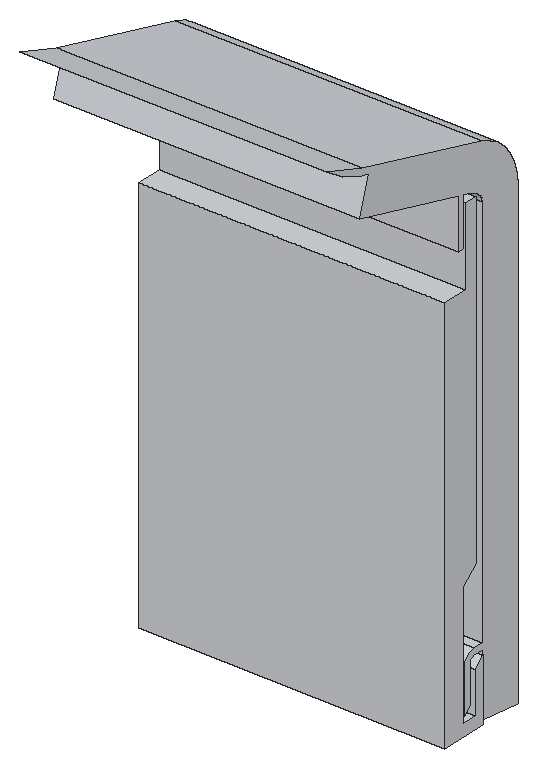
Revit family "HansWeitzel_2098", category Allgemeines Modell, Revit 2017
Family settings
  Basisbauteil = Wand
  Kann Basisbauteil für Bewehrung sein = Nein
  Bemaßung runder Anschluss = Durchmesser verwenden
  Teiletyp = Normal
  Immer vertikal = Ja
  Beim Laden mit Abzugskörper schneiden = Nein
  Gemeinsam genutzt = Nein
  Raumberechnungspunkt = Nein
Parameters (values of type "Type 1")
  max. Betriebstemperatur (°C) = 90
  Werkstoff = "Polystyrol"
  Wandmontage möglich = yes
  Typname = "HZ-Stoßverbinder SLF Grau"
  Tiefe (mm) = 30
  Profilart = "Anschlussprofi"
  Menge pro Verpackungseinheit = 10
  Length3 = 50 mm
  Length2 = 50 mm
  Length1 = 50 mm
  Ist Zubehör = no
  Ist System = no
  Höhe [mm] = 97
  Hersteller = "Hans Weitzel GmbH & Co. KG"
  HeinzeBIM = "https://www.heinze.de/bim/hz-stossverbinder-slf-grau/f2a7e99dbcb687d3e5ea9d51b772c6dc22f98d7b"
  HAN = "2098"
  Gewicht unverpackt (netto) [kg] = 0.008
  GTIN = "4022023220612"
  Farbton = "grau"
  Dekor = "Grau"
  Breite [mm] = 45
  Beschreibung = "HZ-Stoßverbinder SLF Grau f. HZ-Sockelleiste SLF /Plus m. SCH2158"
  BIMSITE_PRODUCT_ID = "f2a7e99dbcb687d3e5ea9d51b772c6dc22f98d7b"
  BIM = "https://media.live.bim.site/t/eyJhbGciOiJIUzI1NiIsInR5cCI6IkpXVCJ9.eyJjdCI6MSwidGYiOiJwdWJsaWMvaGFucy13ZWl0emVsLWdtYmgtY28ta2cvMjI1MGEyZS9IWl9TTEZfU3Rvc3N2ZXJiaW5kZXIucmZhIiwiY2lkIjoiZmVkOThlOWEtMWJkOC00YzY4LWE3M2ItNzRhOTRlMzE1ODIzIiwicmlkIjoiNzE1YmIxM2ZiOTIzYjkyNjY4YzA1Yzg0NzU1YTBjMDgiLCJwaWQiOiJmMmE3ZTk5ZGJjYjY4N2QzZTVlYTlkNTFiNzcyYzZkYzIyZjk4ZDdiIiwic2lkIjoiNjM1NTgiLCJ1dCI6NSwibGMiOiJkZSIsImlhdCI6MTU4MDEyMzQzNSwiaXNzIjoiaHR0cHM6Ly9hcGkubGl2ZS5iaW0uc2l0ZSIsInN1YiI6ImY1ODZjNGI2LWE1MDgtNDI3YS05ODE4LTEzMTc5NjY1NzZiYyJ9.o6LfR5yMg2w60FgweWoFtHHdKtOZcf6bbRxwVQdmU68/HZ_SLF_Stossverbinder.rfa"
Reference planes
  plane 1 "Wall": y = 0
  plane 2 "Center (Left/Right)": x = 125
  plane 3 "Back": y = 75
Text (mm)
  text "Placement side" at (0, 1409.804, 2854.306), in view "Left"
  text "Placement side" at (0, 499.811, 2980.732), in view "Right"
Dimensions and locks
  locked: plane 3 "Back" to host wall
  aligned and locked: plane 1 "Wall" to host wall
  aligned and locked: nested 1 to plane 3 "Back"
  aligned and locked: nested 2 to plane 3 "Back"
  aligned and locked: nested 2 to plane 2 "Center (Left/Right)"
  aligned and locked: nested 1 to plane 2 "Center (Left/Right)"
Nested families
  nested 1: "HZ_SLF_Part2" at (125, 75, 0) x (-1, 0, 0) z (0, 0, 1), type "HZ_SLF_Part2"
    with Length2 50 mm
  nested 2: "HZ_SLF_Profil" at (125, 75, 0) x (-1, 0, 0) z (0, 0, 1), type "HZ_SLF_Profil"
Definition of nested family "HZ_SLF_Part2"
  Parameters
    Length2 = 400 mm
  Reference planes
    plane 1 "Center (Front/Back)": y = 0
    plane 2: z = 0
    plane 3 "Center (Left/Right)": x = 0
    plane 4: z = 78
  Forms (mm)
    Extrusion 1, solid, detail levels fine
      sketch origin (0, 0, 0) x (0, 1, 0) y (0, 0, 1)
        loop
          line (-28, 65.25) -> (-28, 78) -> (-30, 78) -> (-30, 24.25) -> (-27.5, 22) -> (-27.5, 2) -> (-30, 2) -> (-30, 8.75) -> (-31.5, 10.25) -> (-31.5, 0) -> (-23.75, 0) -> (-23.75, 65.25) -> (-28, 65.25)
      from -200 to 200
    Extrusion 2, solid, detail levels medium
      sketch origin (0, 0, 0) x (0, 1, 0) y (0, 0, 1)
        loop
          line (-28, 65.25) -> (-28, 78) -> (-30, 78) -> (-30, 22) -> (-27.5, 22) -> (-27.5, 2) -> (-30, 2) -> (-30, 8.75) -> (-31.5, 8.75) -> (-31.5, 0) -> (-23.75, 0) -> (-23.75, 65.25) -> (-28, 65.25)
      from -200 to 200
    Extrusion 3, solid, detail levels coarse
      sketch origin (0, 0, 0) x (0, 1, 0) y (0, 0, 1)
        loop
          line (-31.5, 78) -> (-31.5, 0) -> (-23.75, 0) -> (-23.75, 78) -> (-31.5, 78)
      from -200 to 200
  Dimensions and locks
    equal spacing: Extrusion 1, plane 3 "Center (Left/Right)", Extrusion 1
    "Length2": Extrusion 1 to Extrusion 1
    aligned and locked: level to plane 2
    aligned and locked: Extrusion 3 to Extrusion 1  (x2)
    aligned and locked: Extrusion 2 to Extrusion 3  (x2)
  Automatic sketch dimensions
    Extrusion 1 sketch curve to level = 0 mm
    level to Extrusion 1 sketch curve = 10.25 mm
    plane 1 "Center (Front/Back)" to Extrusion 1 sketch curve = 31.5 mm
    Extrusion 1 sketch curve to Extrusion 1 sketch curve = 1.5 mm  (x2)
    level to Extrusion 1 sketch curve = 8.75 mm
    Extrusion 1 sketch curve to Extrusion 1 sketch curve = 2 mm
    Extrusion 1 sketch curve to Extrusion 1 sketch curve = 2.5 mm
    Extrusion 1 sketch curve to Extrusion 1 sketch curve = 4.25 mm
    level to Extrusion 1 sketch curve = 2 mm
    Extrusion 1 sketch curve to Extrusion 1 sketch curve = 11.75 mm
    Extrusion 1 sketch curve to Extrusion 1 sketch curve = 2.25 mm
    Extrusion 1 sketch curve to Extrusion 1 sketch curve = 41 mm
    Extrusion 1 sketch curve to Extrusion 1 sketch curve = 12.75 mm
    Extrusion 2 sketch curve to level = 0 mm
    plane 1 "Center (Front/Back)" to Extrusion 2 sketch curve = 31.5 mm
    Extrusion 2 sketch curve to Extrusion 2 sketch curve = 1.5 mm
    Extrusion 2 sketch curve to Extrusion 2 sketch curve = 2 mm
    Extrusion 2 sketch curve to Extrusion 2 sketch curve = 4.25 mm
    level to Extrusion 2 sketch curve = 2 mm
    Extrusion 2 sketch curve to Extrusion 2 sketch curve = 12.75 mm
    Extrusion 2 sketch curve to Extrusion 2 sketch curve = 2.5 mm
    Extrusion 2 sketch curve to Extrusion 2 sketch curve = 43.25 mm
    Extrusion 2 sketch curve to Extrusion 2 sketch curve = 0 mm
    Extrusion 2 sketch curve to Extrusion 2 sketch curve = 6.75 mm
    Extrusion 2 sketch curve to Extrusion 2 sketch curve = 13.25 mm
    Extrusion 3 sketch curve to level = 0 mm
    Extrusion 3 sketch curve to Extrusion 3 sketch curve = 7.75 mm
    plane 1 "Center (Front/Back)" to Extrusion 3 sketch curve = 31.5 mm
    level to Extrusion 3 sketch curve = 78 mm
Definition of nested family "HZ_SLF_Profil"
  Parameters
    Length3 = 50 mm
  Reference planes
    plane 1 "Center (Front/Back)": y = 0
    plane 2: z = 0
    plane 3 "Center (Left/Right)": x = 0
    plane 4: z = 95
  Forms (mm)
    Extrusion 1, solid, detail levels fine
      sketch origin (0, 0, 0) x (0, 1, 0) y (0, 0, 1)
        loop
          line (-38.561, 76.002) -> (-38.561, 0) -> (-31.5, 0.791) -> (-31.5, 11) -> (-29.75, 11)
          arc (-29.75, 11) -> (-29.043, 10.707) -> (-28.75, 10) r 1
          line (-28.75, 10) -> (-28.75, 4) -> (-27.75, 3) -> (-27.75, 10)
          arc (-27.75, 10) -> (-28.336, 11.414) -> (-29.75, 12) r 2
          line (-29.75, 12) -> (-31.5, 12) -> (-31.5, 76.545)
          arc (-31.5, 76.545) -> (-30.751, 77.994) -> (-29.355, 78.837) r 3
          line (-29.355, 78.837) -> (-27.5, 79.347) -> (-27.5, 71.5) -> (-26.5, 71.5) -> (-26.5, 79.621) -> (-6.471, 85.123) -> (-8.262, 90.853) -> (-6.8, 91.255)
          arc (-6.8, 91.255) -> (-2.978, 92.748) -> (0.452, 95) r 19.703
          arc (0.452, 95) -> (-3.246, 93.447) -> (-7.065, 92.219) r 46.507
          line (-7.065, 92.219) -> (-31.209, 85.587)
          arc (-31.209, 85.587) -> (-36.496, 82.03) -> (-38.561, 76.002) r 10
      from -25 to 25
    Extrusion 2, solid, detail levels medium
      sketch origin (0, 0, 0) x (0, 1, 0) y (0, 0, 1)
        loop
          line (-7.065, 92.219) -> (-31.209, 85.587)
          arc (-31.209, 85.587) -> (-36.496, 82.03) -> (-38.561, 76.002) r 10
          line (-38.561, 76.002) -> (-38.561, 0) -> (-31.5, 0.791) -> (-31.5, 11) -> (-28.75, 11) -> (-28.75, 3) -> (-27.75, 3) -> (-27.75, 12) -> (-31.5, 12) -> (-31.5, 76.545)
          arc (-31.5, 76.545) -> (-30.751, 77.994) -> (-29.355, 78.837) r 3
          line (-29.355, 78.837) -> (-27.5, 79.347) -> (-27.5, 71.5) -> (-26.5, 71.5) -> (-26.5, 79.621) -> (-6.471, 85.123) -> (0.452, 95)
          arc (0.452, 95) -> (-3.246, 93.447) -> (-7.065, 92.219) r 46.507
      from -25 to 25
    Extrusion 3, solid, detail levels coarse
      sketch origin (0, 0, 0) x (0, 1, 0) y (0, 0, 1)
        loop
          line (-38.561, 0) -> (0.452, 0) -> (0.452, 95) -> (-38.561, 95) -> (-38.561, 0)
      from -25 to 25
  Dimensions and locks
    equal spacing: Extrusion 3, plane 3 "Center (Left/Right)", Extrusion 3
    "Length3": Extrusion 3 to Extrusion 3
    aligned and locked: level to plane 2
    aligned and locked: Extrusion 1 to Extrusion 3
    aligned and locked: Extrusion 2 to Extrusion 3
    aligned and locked: Extrusion 3 to Extrusion 1
    aligned and locked: Extrusion 3 to Extrusion 2
  Automatic sketch dimensions
    plane 1 "Center (Front/Back)" to Extrusion 3 sketch curve = 38.561 mm
    Extrusion 3 sketch curve to plane 1 "Center (Front/Back)" = 0.452 mm
    Extrusion 3 sketch curve to level = 0 mm
    level to Extrusion 3 sketch curve = 95 mm
    Extrusion 2 sketch curve to Extrusion 2 sketch curve = 0 mm  (x2)
    Extrusion 2 sketch curve to level = 0 mm
    Extrusion 2 sketch curve to plane 4 = 0 mm
    plane 1 "Center (Front/Back)" to Extrusion 2 sketch curve = 38.561 mm
    level to Extrusion 2 sketch curve = 0.791 mm
    Extrusion 2 sketch curve to Extrusion 2 sketch curve = 7.061 mm  (x2)
    Extrusion 2 sketch curve to plane 4 = 9.413 mm
    Extrusion 2 sketch curve to Extrusion 2 sketch curve = 0.291 mm
    Extrusion 2 sketch curve to plane 4 = 16.163 mm
    Extrusion 2 sketch curve to Extrusion 2 sketch curve = 2.145 mm
    Extrusion 2 sketch curve to Extrusion 2 sketch curve = 2.75 mm
    Extrusion 2 sketch curve to Extrusion 2 sketch curve = 2.939 mm
    Extrusion 2 sketch curve to Extrusion 2 sketch curve = 1 mm  (x3)
    Extrusion 2 sketch curve to Extrusion 2 sketch curve = 1.061 mm
    plane 1 "Center (Front/Back)" to Extrusion 2 sketch curve = 19.383 mm
    plane 1 "Center (Front/Back)" to Extrusion 2 sketch curve = 7.065 mm
    plane 1 "Center (Front/Back)" to Extrusion 2 sketch curve = 6.471 mm
    level to Extrusion 2 sketch curve = 3 mm
    Extrusion 2 sketch curve to Extrusion 2 sketch curve = 8 mm
    Extrusion 2 sketch curve to Extrusion 2 sketch curve = 7.337 mm
    Extrusion 2 sketch curve to Extrusion 2 sketch curve = 2.893 mm
    Extrusion 2 sketch curve to Extrusion 2 sketch curve = 0.51 mm
    Extrusion 2 sketch curve to Extrusion 2 sketch curve = 0.275 mm
    Extrusion 2 sketch curve to plane 4 = 9.877 mm
    Extrusion 2 sketch curve to plane 4 = 2.781 mm
    plane 4 to Extrusion 2 sketch curve = 42.065 mm
    Extrusion 1 sketch curve to Extrusion 1 sketch curve = 0 mm  (x5)
    Extrusion 1 sketch curve to level = 0 mm
    Extrusion 1 sketch curve to plane 4 = 0 mm
    plane 1 "Center (Front/Back)" to Extrusion 1 sketch curve = 38.561 mm
    level to Extrusion 1 sketch curve = 0.791 mm
    Extrusion 1 sketch curve to Extrusion 1 sketch curve = 7.061 mm
    Extrusion 1 sketch curve to plane 4 = 9.413 mm
    Extrusion 1 sketch curve to Extrusion 1 sketch curve = 0.291 mm
    Extrusion 1 sketch curve to Extrusion 1 sketch curve = 1.75 mm
    Extrusion 1 sketch curve to plane 4 = 16.163 mm
    Extrusion 1 sketch curve to Extrusion 1 sketch curve = 2.145 mm
    level to Extrusion 1 sketch curve = 4 mm
    Extrusion 1 sketch curve to Extrusion 1 sketch curve = 2.75 mm
    Extrusion 1 sketch curve to Extrusion 1 sketch curve = 2.939 mm
    Extrusion 1 sketch curve to Extrusion 1 sketch curve = 1 mm  (x3)
    Extrusion 1 sketch curve to Extrusion 1 sketch curve = 1.855 mm
    plane 1 "Center (Front/Back)" to Extrusion 1 sketch curve = 19.383 mm
    plane 1 "Center (Front/Back)" to Extrusion 1 sketch curve = 12.019 mm
    plane 1 "Center (Front/Back)" to Extrusion 1 sketch curve = 8.262 mm
    Extrusion 1 sketch curve to Extrusion 1 sketch curve = 1.197 mm
    Extrusion 1 sketch curve to Extrusion 1 sketch curve = 1.791 mm
    Extrusion 1 sketch curve to Extrusion 1 sketch curve = 6 mm
    Extrusion 1 sketch curve to Extrusion 1 sketch curve = 7.337 mm
    Extrusion 1 sketch curve to Extrusion 1 sketch curve = 2.893 mm
    Extrusion 1 sketch curve to Extrusion 1 sketch curve = 0.51 mm
    Extrusion 1 sketch curve to Extrusion 1 sketch curve = 0.275 mm
    Extrusion 1 sketch curve to plane 4 = 9.877 mm
    Extrusion 1 sketch curve to plane 4 = 4.147 mm
    Extrusion 1 sketch curve to Extrusion 1 sketch curve = 1.366 mm
    plane 4 to Extrusion 1 sketch curve = 15.254 mm
    Extrusion 1 sketch curve to Extrusion 1 sketch curve = 26.811 mm
    Extrusion 1 sketch curve to Extrusion 1 sketch curve = 0.265 mm
